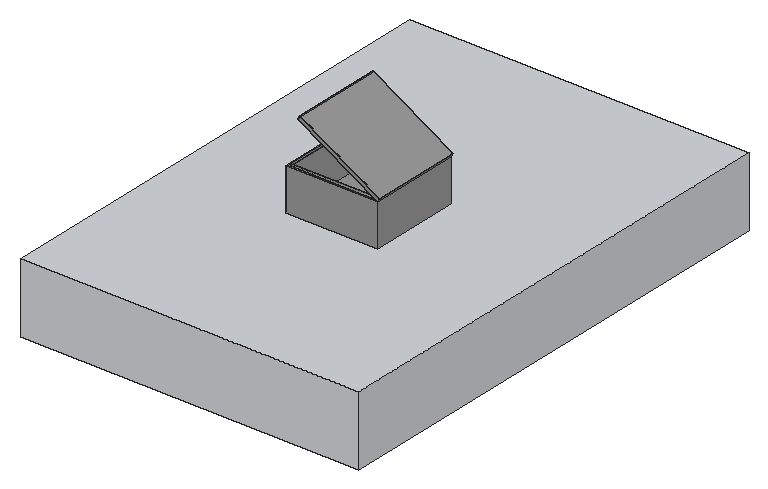
Revit family "Hager-Orion_Inox-IP65-D200-Cl.I-Inox_encl-630A-400mm-IT-it", category Equipement électrique, Revit 2020
Family settings
  Hôte = Face
  Configuration du panneau = Deux colonnes, circuits au sein
  Cote de connecteur circulaire = Utiliser le diamètre
  Type d'élément = Tableau de raccordement
  Couper avec des vides une fois chargée = Non
  Partagée = Non
  Point de calcul de pièce = Non
Parameters (values of type "incassato IP65 L400 A400 P200  - FL708BW")
  Width Control [instance] = if([EF000008 - Larghezza] > Min Width, [EF000008 - Larghezza], Min Width)  # 400 mm
  Commentaires du type = [HG000003 - Gamma]  # "Orion Inox"
  Thickness Door [instance] = if([EF009171 - spessore materiale porta/coperchio] > 3 mm, 3 mm, [EF009171 - spessore materiale porta/coperchio])  # 1.5 mm
  Seal Frame Offset [instance] = 17 mm  # constant formula
  Model = ""
  Min Width [instance] = 100 mm  # constant formula
  Min Height [instance] = 100 mm  # constant formula
  Min Depth [instance] = (2 * [EF009170 - spessore materiale scatola]) + 1 mm  # 3.4 mm
  Internal Frame Depth [instance] = (Door System Depth * 0.5)  # 9 mm
  Height Control [instance] = if([EF000040 - Altezza] > Min Height, [EF000040 - Altezza], Min Height)  # 400 mm
  HG000027 - Altezza dello zoccolo = 0 mm
  HG000026 - A pavimento = no
  HG000024 - Altezza della sezione inferiore = 800 mm
  HG000023 - Custodia a doppia sezione = no
  HG000016 - Visibilità delle porte nella vista 3D [instance] = yes
  HG000015 - Visibilità attraverso la porta [instance] = no
  HG000014 - Porta destra [instance] = yes
  HG000013 - Porta sinistra [instance] = not([HG000014 - Porta destra])  # no
  HG000012 - Angolo di apertura della porta [instance] = 30.00°
  HG000010 - Porte asimmetriche = no
  HG000009 - Porta doppia a battente = no
  HG000006 - Ad incasso = yes
  HG000004 - Codice produttore = "FL708BW"
  HG000003 - Gamma = "Orion Inox"
  HG000002 - Con porta = yes
  Frame Offset Bottom [instance] = 10 mm  # constant formula
  Frame Offset [instance] = 15 mm  # constant formula
  EF015940 - Coprire con rilascio di sovrapressione = no
  EF011959 - tipo di protezione (NEMA) = ""
  EF009554 - numero delle aperture per la piastra della flangia = 2
  Fabricant = "Hager"  # constant formula
  EF009212 - esecuzione coperchio = "EV009916 - con taglio"
  EF009171 - spessore materiale porta/coperchio = 1.5 mm
  EF009170 - spessore materiale scatola = 1.2 mm
  EF008873 - corrente nominale (In) = 630 A
  EF007800 - adatto per parafulmine = no
  EF006306 - con serratura = yes
  EF006244 - coperchio/porta trasparente = no
  EF005474 - grado di protezione (IP) = "EV006421 - IP65"
  EF004464 - tipo di porta = "EV002646 - singolo"
  EF004427 - numero di moduli = 0
  EF004293 - resistenza agli urti = "EV008784 - IK10"
  EF003532 - adatto per uso esterno = yes
  EF002950 - Numero moduli DIN = 0
  EF001613 - Integrità del circuito = ""
  EF001596 - Attacco Lampada = "EV000166 - acciaio inossidabile"
  EF001131 - profondità interna = 200 mm
  EF001088 - possibilità di applicazione = no
  EF000437 - numero di ingressi per conduttori = 2
  EF000339 - tipo di copertura = "EV004216 - porta"
  EF000266 - numero di file = 0
  EF000218 - profondità di incasso = 0 mm
  EF000118 - con piastra di montaggio = yes
  EF000116 - numero RAL = ""
  EF000049 - profondità = 200 mm
  EF000040 - Altezza = 400 mm
  EF000008 - Larghezza = 400 mm
  EF000007 - colore = "EV000154 - altri"
  EF000003 - Tipo di montaggio = "EV001247 - apparente/incassato"
  Door System Leaf Tolerance [instance] = 1.5 mm  # constant formula
  Door System Depth [instance] = 18 mm  # constant formula
  Depth Control [instance] = if([EF000049 - profondità] > Min Depth, [EF000049 - profondità], Min Depth)  # 200 mm
  Default Elevation = 0 mm
Types (4, lengths in mm): name | Width Control | HG000006 - Ad incasso | HG000004 - Codice produttore | EF000008 - Larghezza
  apparente IP65 L300 A400 P200  - FL707BW | 300 | no | "FL707BW" | 300
  apparente IP65 L400 A400 P200  - FL708BW | 400 | no | "FL708BW" | 400
  incassato IP65 L300 A400 P200  - FL707BW | 300 | yes | "FL707BW" | 300
  incassato IP65 L400 A400 P200  - FL708BW | 400 | yes | "FL708BW" | 400
Reference planes
  plane 1 "Center (Front/Back)": y = 0
  plane 2: z = 0
  plane 3 "Center (Left/Right)": x = 0
  plane 4: z = 200
  plane 5: y = 1.2
  plane 6: y = 200
  plane 7: y = 0
  plane 8: y = 400
  plane 9: z = 0
  plane 10: x = -185
  plane 11: x = 185
  plane 12: x = 183.8
  plane 13: x = -183.8
  plane 14: y = 398.8
  plane 15: x = -183
  plane 16: x = -200
  plane 17: x = 183
  plane 18: x = 200
  plane 19: x = 198.8
  plane 20: x = -198.8
  plane 21: y = 11.2
  plane 22: y = 400
  plane 23: y = 383.8
  plane 24: z = 182
  plane 25: z = 1.2
  plane 26: z = 180.8
  plane 27: z = 198.8
Forms (mm)
  Extrusion 1, solid
    sketch origin (0, 0, 0) x (1, 0, 0) y (0, 1, 0)
      loop
        line (-702.964, 1305) -> (-702.964, -811.445) -> (766.763, -811.445) -> (766.763, 1305) -> (-702.964, 1305)
    from 0 to -304.8
  Extrusion 2, solid, material "Hager_Stainless_Steel", detail levels medium+fine
    sketch origin (0, 0, 0) x (1, 0, 0) y (0, 1, 0)
      loop
        line (-200, 0) -> (200, 0) -> (200, 400) -> (-200, 400) -> (-200, 0)
    from 0 to 182
  Extrusion 3, solid, material "Hager_Steel_RAL 7035_Light_Grey", not visible, detail levels medium+fine
    sketch origin (0, 28.16, 50.802) x (0, 1, 0) y (0, 0, 1)
      loop
        line (223.34, -50.802) -> (223.34, 137.998)
        arc (223.34, 137.998) -> (220.411, 145.069) -> (213.34, 147.998) r 10
        line (213.34, 147.998) -> (183.34, 147.998) -> (183.34, -50.802) -> (223.34, -50.802)
    from -198.8 to 198.8
  Extrusion 4, void
    sketch origin (0, 0, 0) x (1, 0, 0) y (0, 1, 0)
      loop
        line (-198.8, 1.2) -> (198.8, 1.2) -> (198.8, 398.8) -> (-198.8, 398.8) -> (-198.8, 1.2)
    from 1.2 to 180.8
  Extrusion 5, void
    sketch origin (-381.607, -4572, 182) x (0, -1, 0) y (-1, 0, 0)
      loop
        line (-4583.2, -197.807) -> (-4955.8, -197.807) -> (-4955.8, -565.407) -> (-4583.2, -565.407) -> (-4583.2, -197.807)
    from 0 to 1.2 <- "EF009170 - spessore materiale scatola"
  Extrusion 6, solid, material "Hager_Stainless_Steel", detail levels fine
    sketch origin (-381.607, -4572, 182) x (-1, 0, 0) y (0, -1, 0)
      loop
        line (-197.807, -4583.2) -> (-565.407, -4583.2) -> (-565.407, -4955.8) -> (-197.807, -4955.8) -> (-197.807, -4583.2)
      loop
        line (-197.107, -4581.7) -> (-566.107, -4581.7) -> (-566.107, -4957.3) -> (-197.107, -4957.3) -> (-197.107, -4581.7)
    from 0 to 9 <- "Internal Frame Depth"
  Extrusion 7, solid, material "Hager_Stainless_Steel", detail levels coarse
    sketch origin (0, 0, 0) x (1, 0, 0) y (0, 1, 0)
      loop
        line (-200, 0) -> (200, 0) -> (200, 400) -> (-200, 400) -> (-200, 0)
    from 0 to 200
Cuts and joins
  Extrusion 4, Extrusion 5 cuts Extrusion 2
Lines and regions (mm)
  Masking region 1
    outline origin (0, 0, 0) x (1, 0, 0) y (0, 0, 1)
      loop
        line (-200, 200) -> (-200, 0) -> (200, 0) -> (200, 200) -> (-200, 200)
  Masking region 2, detail levels medium+fine
    outline origin (0, 140, 0) x (0, 1, 0) y (0, 0, 1)
      loop
        line (-140, 0) -> (260, 0) -> (260, 182) -> (-140, 182) -> (-140, 0)
  Masking region 3, not visible, detail levels medium+fine
    outline origin (0, 297.922, 0) x (0, 1, 0) y (0, 0, 1)
      loop
        line (-86.422, 0) -> (-46.422, 0) -> (-46.422, 188.8)
        arc (-46.422, 188.8) -> (-49.351, 195.871) -> (-56.422, 198.8) r 10
        line (-56.422, 198.8) -> (-86.422, 198.8) -> (-86.422, 0)
  Masking region 4, detail levels coarse
    outline origin (0, 0, 180) x (0, 1, 0) y (0, 0, 1)
      loop
        line (0, -180) -> (400, -180) -> (400, 20) -> (0, 20) -> (0, -180)
  Masking region 5
    outline origin (-381.607, -4572, 182) x (-1, 0, 0) y (0, -1, 0)
      loop
        line (-181.607, -4972) -> (-181.607, -4572) -> (-581.607, -4572) -> (-581.607, -4972) -> (-181.607, -4972)
Dimensions and locks
  "Depth Control": plane 4 to Extrusion 1
  "EF009170 - spessore materiale scatola": plane 5 to plane 7
  locked: connector elem to plane 3 "Center (Left/Right)"
  equal spacing: plane 8, plane 6, plane 7
  locked: connector elem to plane 6
  "EF009170 - spessore materiale scatola": plane 8 to plane 14
  "EF009170 - spessore materiale scatola": plane 10 to plane 13
  "EF009170 - spessore materiale scatola": plane 12 to plane 11
  "Frame Offset": plane 20 to plane 13
  "Frame Offset": plane 12 to plane 19
  "EF009170 - spessore materiale scatola": plane 16 to plane 20
  "EF009170 - spessore materiale scatola": plane 19 to plane 18
  "Seal Frame Offset": plane 16 to plane 15
  "Seal Frame Offset": plane 17 to plane 18
  "Frame Offset Bottom": plane 21 to plane 5
  "Frame Offset": plane 14 to plane 23
  equal spacing: plane 16, plane 3 "Center (Left/Right)", plane 18
  "Width Control": plane 16 to plane 18
  "EF009170 - spessore materiale scatola": plane 4 to plane 27
  "EF009170 - spessore materiale scatola": plane 24 to plane 26
  "EF009170 - spessore materiale scatola": plane 25 to level
  "Door System Depth": plane 4 to plane 24
  "Height Control": plane 1 "Center (Front/Back)" to Extrusion 7 sketch curve
  "Height Control": Masking region 4 sketch curve to plane 1 "Center (Front/Back)"
  "Thickness Door": Extrusion 6 sketch curve to plane 15
  "Thickness Door": plane 21 to Extrusion 6 sketch curve
  "Thickness Door": plane 17 to Extrusion 6 sketch curve
  "Thickness Door": Extrusion 6 sketch curve to plane 23
  "Height Control": plane 1 "Center (Front/Back)" to plane 22
  radius of Masking region 3 sketch curve = 10 mm
  radius of Extrusion 3 sketch curve = 10 mm
  aligned and locked: plane 2 to Extrusion 1
  aligned and locked: level to Extrusion 1
  aligned and locked: level to Masking region 1 sketch curve
  aligned and locked: Masking region 1 sketch curve to plane 18
  aligned and locked: Masking region 1 sketch curve to plane 16
  aligned and locked: plane 7 to Masking region 2 sketch curve
  aligned and locked: level to Masking region 3 sketch curve
  aligned and locked: Masking region 3 sketch curve to plane 27
  aligned and locked: level to Masking region 2 sketch curve
  aligned and locked: Extrusion 2 sketch curve to plane 7
  aligned and locked: plane 16 to Extrusion 2 sketch curve
  aligned and locked: plane 18 to Extrusion 2 sketch curve
  aligned and locked: Extrusion 3 sketch curve to level
  aligned and locked: plane 27 to Extrusion 3 sketch curve
  aligned and locked: plane 20 to Extrusion 3
  aligned and locked: plane 19 to Extrusion 3
  aligned and locked: plane 20 to Extrusion 4 sketch curve
  aligned and locked: plane 19 to Extrusion 4 sketch curve
  aligned and locked: Extrusion 4 sketch curve to plane 5
  aligned and locked: Extrusion 4 to plane 25
  aligned and locked: plane 26 to Extrusion 4
  aligned and locked: plane 24 to Extrusion 2
  aligned and locked: plane 21 to Extrusion 5 sketch curve
  aligned and locked: Extrusion 5 sketch curve to plane 13
  aligned and locked: Extrusion 5 sketch curve to plane 12
  aligned and locked: plane 18 to Extrusion 7 sketch curve
  aligned and locked: plane 1 "Center (Front/Back)" to Extrusion 7 sketch curve
  aligned and locked: plane 16 to Extrusion 7 sketch curve
  aligned and locked: plane 4 to Extrusion 7
  aligned and locked: Extrusion 7 to level
  aligned and locked: level to Masking region 4 sketch curve
  aligned and locked: Masking region 4 sketch curve to plane 1 "Center (Front/Back)"
  aligned and locked: Masking region 4 sketch curve to plane 4
  aligned and locked: nested 1 to level
  aligned and locked: nested 1 to plane 16
  aligned and locked: plane 8 to Extrusion 2 sketch curve
  aligned and locked: plane 23 to Extrusion 5 sketch curve
  aligned and locked: plane 14 to Extrusion 4 sketch curve
  aligned and locked: Extrusion 6 sketch curve to plane 21
  aligned and locked: plane 13 to Extrusion 6 sketch curve
  aligned and locked: plane 23 to Extrusion 6 sketch curve
  aligned and locked: plane 12 to Extrusion 6 sketch curve
  aligned and locked: Masking region 2 sketch curve to plane 8
  aligned and locked: Masking region 2 sketch curve to plane 24
  aligned and locked: nested 2 to plane 3 "Center (Left/Right)"
  aligned and locked: nested 2 to plane 24
  aligned and locked: Masking region 5 sketch curve to plane 1 "Center (Front/Back)"
  aligned and locked: Masking region 5 sketch curve to plane 18
  aligned and locked: Masking region 5 sketch curve to plane 22
  aligned and locked: Masking region 5 sketch curve to plane 16
  aligned and locked: plane 8 to plane 22
  aligned and locked: plane 7 to plane 1 "Center (Front/Back)"
  aligned and locked: nested 2 to plane 1 "Center (Front/Back)"
Automatic sketch dimensions
  Extrusion 1 sketch curve to Extrusion 1 sketch curve = 1469.727 mm
  Extrusion 1 sketch curve to Extrusion 1 sketch curve = 2116.445 mm
  plane 6 to Masking region 3 sketch curve = 11.5 mm
  Masking region 3 sketch curve to Masking region 3 sketch curve = 30 mm
  plane 6 to Extrusion 3 sketch curve = 11.5 mm
  Extrusion 3 sketch curve to Extrusion 3 sketch curve = 30 mm
  Masking region 1 sketch curve to plane 4 = 0 mm
Nested families
  nested 1: "Hager_Enclosure_Symbol" at (-200, 0, 0) x (1, 0, 0) z (0, -1, 0), Height <- "Depth Control", Width <- "Width Control", type "Hager_Enclosure_Symbol"
    with Width_Ctrl 400 mm, Width 400 mm, Height_Ctrl 200 mm, Height 200 mm, A_Width_Int 13.125 mm, A_Width 157.5 mm, A_Height_Ctrl 175 mm, A_Height 175 mm
  nested 2: "EC000058_OrionInox_Door" at (0, 400, 182) x (1, 0, 0) z (0, -1, 0), Leaf_Tolerance <- "Door System Leaf Tolerance", Angle <- "HG000012 - Angolo di apertura della porta", Door_Depth <- "Door System Depth", Door_Left <- "HG000013 - Porta sinistra", Transparent <- "EF006244 - coperchio/porta trasparente", Assymetrical <- "HG000010 - Porte asimmetriche", Width <- "Width Control", Clearance <- "HG000015 - Visibilità attraverso la porta", Double <- "HG000009 - Porta doppia a battente", 3d_Door <- "HG000016 - Visibilità delle porte nella vista 3D", Width_Ctrl <- "Width Control", Door_Right <- "HG000014 - Porta destra", Door <- "HG000002 - Con porta", Height <- "Height Control", Thickness <- "Thickness Door", type "EC000058_OrionInox_Door", detail levels medium+fine
    with min_wh 4 mm, Width_Ctrl 400 mm, Width 400 mm, Transparent no, Thickness 1.5 mm, Seal_Material Hager_Rubber, Leaf_Width 400 mm, Leaf_Tolerance_External_Sides 0 mm, Leaf_Tolerance 1.5 mm, Leaf_Offset 0 mm, Leaf_Height 397 mm, Leaf_2_Width 400 mm, Leaf_2_Offset 200 mm, Leaf_1_Width 400 mm, Leaf_1_Offset 200 mm, Height_Ctrl 400 mm, Height 400 mm, Glass_Material Hager_Glass, Double_Clearance_Ctrl no, Double no, Door_Right_Ctrl yes, Door_Right yes, Door_Material Hager_Stainless_Steel, Door_Left_Ctrl no, Door_Left no, Door_Depth 18 mm, Door yes, Clearance_Material Hager_Clearance, Clearance_Depth 400 mm, Clearance_Ctrl no, Clearance no, Assymetrical no, Angle 30.00°, 3d_Door yes
Connectors
  electrical at (0, 200, 0)
    settings: on plane 9, index 1, voltage 0 V, apparent load 0 VA, apparent load phase1 0 VA, apparent load phase2 0 VA, apparent load phase3 0 VA, power factor 1, load classification "Other", number of poles 1, system type 30, power factor state 1, is connector primary yes, connector utility no, sub classification motor no, connector description ""
Definition of nested family "EC000058_OrionInox_Door"
  Parameters (values of type "EC000058_OrionInox_Door")
    min_wh [instance] = (2 * Thickness) + 1 mm  # 11 mm
    Width_Ctrl [instance] = 400 mm
    Width [instance] = 500 mm
    Transparent [instance] = yes
    Thickness [instance] = 5 mm
    Seal_Material [instance] = none
    Leaf_Width [instance] = if((Width_Ctrl - 2 * Leaf_Tolerance_External_Sides) > 0 mm, (Width_Ctrl - 2 * Leaf_Tolerance_External_Sides), min_wh)  # 400 mm
    Leaf_Tolerance_External_Sides [instance] = 0 mm  # constant formula
    Leaf_Tolerance [instance] = 1.5 mm
    Leaf_Offset [instance] = 0 mm  # constant formula
    Leaf_Height [instance] = if((Height_Ctrl - 2 * Leaf_Tolerance) > 0 mm, (Height_Ctrl - 2 * Leaf_Tolerance), min_wh)  # 497 mm
    Leaf_2_Width [instance] = if(and(and(Double, Assymetrical), Door_Left), (Leaf_Width / 3) - (Leaf_Tolerance / 2), if(and(and(Double, Assymetrical), Door_Right), (Leaf_Width / 3) * 2 - (Leaf_Tolerance / 2), if(and(Double, not(Assymetrical)), (Leaf_Width / 2) - Leaf_Tolerance, Leaf_Width)))  # 400 mm
    Leaf_2_Offset [instance] = if(and(Double, Assymetrical), Leaf_2_Width / 2, if(and(Double, not(Assymetrical)), Leaf_Width / 4, Leaf_Width / 2))  # 200 mm
    Leaf_1_Width [instance] = if(and(and(Double, Assymetrical), Door_Right), (Leaf_Width / 3) - (Leaf_Tolerance / 2), if(and(and(Double, Assymetrical), Door_Left), (Width / 3) * 2 - (Leaf_Tolerance / 2), if(and(Double, not(Assymetrical)), (Leaf_Width / 2) - Leaf_Tolerance, Leaf_Width)))  # 400 mm
    Leaf_1_Offset [instance] = if(and(Double, Assymetrical), Leaf_1_Width / 2, if(and(Double, not(Assymetrical)), Leaf_Width / 4, Leaf_Width / 2))  # 200 mm
    Height_Ctrl [instance] = if(Height > min_wh, Height, min_wh)  # 500 mm
    Height [instance] = 500 mm
    Glass_Material [instance] = none
    Double_Clearance_Ctrl [instance] = and(Double, Clearance)  # no
    Double [instance] = no
    Door_Right_Ctrl [instance] = and(or(Door_Right, Double), Door)  # yes
    Door_Right [instance] = yes
    Door_Material [instance] = none
    Door_Left_Ctrl [instance] = and(or(Door_Left, Double), Door)  # no
    Door_Left [instance] = no
    Door_Depth [instance] = 30 mm
    Door [instance] = yes
    Default Elevation = 1219.2 mm
    Clearance_Material [instance] = none
    Clearance_Depth [instance] = if(Leaf_1_Width > Leaf_2_Width, Leaf_1_Width, Leaf_2_Width)  # 400 mm
    Clearance_Ctrl [instance] = and(not(Double), Clearance)  # yes
    Clearance [instance] = yes
    Assymetrical [instance] = yes
    Angle [instance] = 30.00°
    3d_Door [instance] = yes
  Reference planes
    plane 1 "Center (Front/Back)": y = 0
    plane 2 "Bottom": z = 0
    plane 3 "Center (Left/Right)": x = 0
    plane 4: z = 500
    plane 5: x = -200
    plane 6: x = 200
    plane 7: z = 500
    plane 8: x = -200
    plane 9: z = 0
    plane 10: x = 200
    plane 11: y = 0
    plane 12: z = 1.5
    plane 13: x = -600
    plane 14: y = -400
    plane 15: x = 600
    plane 16: x = 0
    plane 17: x = 0
    plane 18: x = -200
    plane 19: x = 200
    plane 20: z = 498.5
  Forms (mm)
    Extrusion 1, solid, material <- "Clearance_Material", visible <- "Double_Clearance_Ctrl"
      sketch origin (1200, 0, 0) x (1, 0, 0) y (0, 0, -1)
        loop
          line (-1800, -498.5) -> (-600, -498.5) -> (-600, 0) -> (-1800, 0) -> (-1800, -498.5)
      from 0 to -400
  Dimensions and locks
    equal spacing: plane 5, plane 3 "Center (Left/Right)", plane 6
    "Width_Ctrl": plane 5 to plane 6
    "Leaf_Offset": plane 5 to plane 8
    "Leaf_Offset": plane 6 to plane 10
    "Leaf_Offset": plane 9 to level
    "Leaf_Offset": plane 4 to plane 7
    "Height_Ctrl": plane 4 to level
    "Leaf_Tolerance": plane 12 to plane 9
    locked: plane 11 to plane 1 "Center (Front/Back)"
    "Leaf_1_Offset": plane 18 to plane 16
    "Leaf_2_Offset": plane 17 to plane 19
    "Leaf_1_Width": plane 13 to plane 8
    "Leaf_2_Width": plane 10 to plane 15
    "Clearance_Depth": plane 14 to plane 1 "Center (Front/Back)"
    "Leaf_Tolerance_External_Sides": plane 8 to plane 18
    "Leaf_Tolerance_External_Sides": plane 19 to plane 10
    "Leaf_Tolerance": plane 7 to plane 20
    aligned and locked: level to plane 2 "Bottom"
    aligned and locked: nested 1 to plane 16
    aligned and locked: nested 2 to plane 17
    aligned and locked: Extrusion 1 to plane 13
    aligned and locked: plane 15 to Extrusion 1
    aligned and locked: Extrusion 1 to plane 14
    aligned and locked: plane 12 to nested 1
    aligned and locked: nested 2 to plane 12
    aligned and locked: Extrusion 1 to plane 11
    aligned and locked: plane 20 to Extrusion 1
    aligned and locked: nested 2 to plane 11
    aligned and locked: nested 1 to plane 11
  Automatic sketch dimensions
    Extrusion 1 sketch curve to level = 0 mm
    plane 5 to Extrusion 1 sketch curve = 400 mm
    plane 6 to Extrusion 1 sketch curve = 400 mm
    Extrusion 1 sketch curve to plane 4 = 1.5 mm
  Nested families
    nested 1: "EC000058_OrionInox_Door_Leaf" at (0, 0, 1.5), Width <- "Leaf_1_Width", visible <- "Door_Left_Ctrl", Leaf_Height <- "Leaf_Height", Angle <- "Angle", 3d_Door <- "3d_Door", Transparent <- "Transparent", Clearance Material <- "Clearance_Material", Clearance <- "Clearance_Ctrl", Door_Material <- "Door_Material", Glass_Material <- "Glass_Material", Door_Depth <- "Door_Depth", Seal_Material <- "Seal_Material", Thickness <- "Thickness", type "EC000058_OrionInox_Door_Leaf"
      with Width 400 mm, Transparent_Ctrl yes, Transparent yes, Thickness 5 mm, Standard no, Seal_Material none, Seal_D2 8 mm, Seal_D1 1 mm, Offset_Internal_Frame 10 mm, Lock_Width 28 mm, Lock_Thickness 2 mm, Lock_Radius 6 mm, Leaf_Height 497 mm, Internal_Seal_Thickness 8 mm, Internal_Seal_Depth_2 4.5 mm, Internal_Frame_Depth 25 mm, Glass_Thickness -1 mm, Glass_Offset -2 mm, Glass_Material none, Door_Material none, Door_Depth 30 mm, Clearance Material none, Clearance yes, Angle_Ctrl 30.00°, Angle 30.00°, 3d_Door yes
    nested 2: "EC000058_OrionInox_Door_Leaf" at (0, 0, 1.5) x (-1, 0, 0) z (0, 0, 1), Width <- "Leaf_2_Width", visible <- "Door_Right_Ctrl", Leaf_Height <- "Leaf_Height", Angle <- "Angle", 3d_Door <- "3d_Door", Transparent <- "Transparent", Clearance Material <- "Clearance_Material", Clearance <- "Clearance_Ctrl", Door_Material <- "Door_Material", Glass_Material <- "Glass_Material", Door_Depth <- "Door_Depth", Seal_Material <- "Seal_Material", Thickness <- "Thickness", type "EC000058_OrionInox_Door_Leaf"
      with Width 400 mm, Transparent_Ctrl yes, Transparent yes, Thickness 5 mm, Standard no, Seal_Material none, Seal_D2 8 mm, Seal_D1 1 mm, Offset_Internal_Frame 10 mm, Lock_Width 28 mm, Lock_Thickness 2 mm, Lock_Radius 6 mm, Leaf_Height 497 mm, Internal_Seal_Thickness 8 mm, Internal_Seal_Depth_2 4.5 mm, Internal_Frame_Depth 25 mm, Glass_Thickness -1 mm, Glass_Offset -2 mm, Glass_Material none, Door_Material none, Door_Depth 30 mm, Clearance Material none, Clearance yes, Angle_Ctrl 30.00°, Angle 30.00°, 3d_Door yes
  Definition of nested family "EC000058_OrionInox_Door_Leaf"
    Parameters (values of type "EC000058_OrionInox_Door_Leaf")
      Width [instance] = 450 mm
      Transparent_Ctrl [instance] = and(Transparent, [3d_Door])  # yes
      Transparent [instance] = yes
      Thickness [instance] = 5 mm
      Standard [instance] = and(not(Transparent), [3d_Door])  # no
      Seal_Material [instance] = none
      Seal_D2 [instance] = 8 mm  # constant formula
      Seal_D1 [instance] = 1 mm  # constant formula
      Offset_Internal_Frame [instance] = 10 mm  # constant formula
      Lock_Width [instance] = Door_Depth - Lock_Thickness  # 28 mm
      Lock_Thickness [instance] = 2 mm  # constant formula
      Lock_Radius [instance] = 6 mm  # constant formula
      Leaf_Height [instance] = 450 mm
      Internal_Seal_Thickness [instance] = 8 mm  # constant formula
      Internal_Seal_Depth_2 [instance] = 4.5 mm  # constant formula
      Internal_Frame_Depth [instance] = if(Door_Depth - Thickness > 5 mm, Door_Depth - Thickness, 5 mm)  # 25 mm
      Glass_Thickness [instance] = if(Thickness > 15 mm, Glass_Offset + 10 mm, -1 mm)  # -1 mm
      Glass_Offset [instance] = if(Thickness > 15 mm, -(Thickness + 10 mm) / 2, -2 mm)  # -2 mm
      Glass_Material [instance] = none
      Door_Material [instance] = none
      Door_Depth [instance] = 30 mm
      Default Elevation = 0 mm
      Clearance Material [instance] = none
      Clearance [instance] = yes
      Angle_Ctrl [instance] = if(Angle > 180.00°, 180.00°, Angle)  # 90.00°
      Angle [instance] = 90.00°
      3d_Door [instance] = yes
    Reference planes
      plane 1 "Center (Front/Back)": y = 0
      plane 2: z = 0
      plane 3 "Center (Left/Right)": x = 0
      plane 4: y = 450
      plane 5: x = -225
      plane 6: x = 225
      plane 7: x = -675
      plane 8: z = 450
      plane 9: z = 30
      plane 10: z = 420
      plane 11: x = 195
      plane 12: x = -195
      plane 13: y = -3
      plane 14: z = 107.833
      plane 15: y = -5
      plane 16: y = -223.314
      plane 17: x = -225
      plane 18: y = 30
    Forms (mm)
      Extrusion 1, solid, material <- "Clearance Material", visible <- "Clearance"
        sketch origin (0, 0, 0) x (1, 0, 0) y (0, 0, 1)
          loop
            line (-675, 450) -> (-675, 0) -> (225, 0) -> (225, 450) -> (-675, 450)
        from 0 to -450
      Extrusion 2, solid, material <- "Door_Material", visible <- "Standard", detail levels medium+fine
        sketch origin (-225, 0, 0) x (0, 1, 0) y (-1, 0, 0)
          loop
            line (0, 30) -> (0, 25) -> (450, 25) -> (450, 30) -> (0, 30)
        from 0 to 450 <- "Leaf_Height"
      Extrusion 3, solid, material <- "Door_Material", visible <- "Transparent_Ctrl", detail levels medium+fine
        sketch origin (-225, 0, 0) x (0, 1, 0) y (-1, 0, 0)
          loop
            line (0, 25) -> (450, 25) -> (450, 30) -> (0, 30) -> (0, 25)
        from 0 to 450 <- "Leaf_Height"
      Extrusion 4, void
        sketch origin (-250, 450, 0) x (0, 1, 0) y (0, 0, -1)
          loop
            line (-30, -420) -> (-30, -30) -> (-420, -30) -> (-420, -420) -> (-30, -420)
        from 0 to 5 <- "Thickness"
      Sweep 5, solid, material <- "Seal_Material", visible <- "Transparent_Ctrl", detail levels fine
        path in 3D
          loop
            line (-250, 30, 30) -> (-250, 30, 420) -> (-250, 420, 420) -> (-250, 420, 30) -> (-250, 30, 30)
        profile origin (-250, 225, 30) x (1, 0, 0) y (0, 0, 1)
          loop
            line (0, 0) -> (0, -8) -> (1, -8) -> (1, 0) -> (0, 0)
      Extrusion 6, solid, material <- "Glass_Material", visible <- "Transparent_Ctrl", detail levels medium+fine
        sketch origin (-255, 0, 0) x (0, 1, 0) y (0, 0, -1)
          loop
            line (420, -420) -> (420, -30) -> (30, -30) -> (30, -420) -> (420, -420)
        from -2 <- "Glass_Offset" to -1 <- "Glass_Thickness"
      Extrusion 7, solid, material <- "Door_Material", visible <- "3d_Door", detail levels medium+fine
        sketch origin (-250, 450, 0) x (0, -1, 0) y (0, 0, -1)
          loop
            line (0, -450) -> (450, -450) -> (450, 0) -> (0, 0) -> (0, -450)
          loop
            line (445, -5) -> (5, -5) -> (5, -445) -> (445, -445) -> (445, -5)
        from 0 to 25 <- "Internal_Frame_Depth"
      Sweep 8, solid, material <- "Seal_Material", visible <- "Transparent_Ctrl", detail levels fine
        path in 3D
          loop
            line (-250, 0, 0) -> (-250, 450, 0) -> (-250, 450, 450) -> (-250, 0, 450) -> (-250, 0, 0)
        profile origin (-250, 0, 225) x (1, 0, 0) y (0, 1, 0)
          loop
            line (0, 10) -> (2.975, 10)
            arc (2.975, 10) -> (4.053, 10.447) -> (4.5, 11.525) r 1.525
            line (4.5, 11.525) -> (4.5, 16.527)
            arc (4.5, 16.527) -> (4.069, 17.569) -> (3.027, 18) r 1.473
            line (3.027, 18) -> (0, 18) -> (0, 10)
    Cuts and joins
      Extrusion 4 cuts Extrusion 3
    Lines and regions (mm)
      Masking region 1, detail levels medium+fine
        outline origin (0, 0, 0) x (0, 1, 0) y (0, 0, 1)
          loop
            line (0, 0) -> (30, 0) -> (30, 450) -> (0, 450) -> (0, 0)
      Masking region 2, detail levels medium+fine
        outline origin (0, 0, 0) x (1, 0, 0) y (0, 0, 1)
          loop
            line (-225, 450) -> (-225, 0) -> (225, 0) -> (225, 450) -> (-225, 450)
      symbolic lines
        curve 1: line (225, 0, 0) -> (-675, 0, 0)
        curve 2: arc (225, 0, 0) -> (-225, 450, 0) -> (-675, 0, 0) r 450
        curve 4: line (-255, 0, 0) -> (-255, 450, 0)
      reference lines
        curve 3: line (-225, 0, 0) -> (-225, 450, 0)
      symbolic lines, detail levels medium+fine
        curve 5: line (-255, 450, 0) -> (-250, 450, 0)
        curve 7: line (-250, 0, 0) -> (-255, 0, 0)
        curve 8: line (-250, 0, 0) -> (-225, 0, 0)
        curve 9: line (-225, 0, 0) -> (-225, 450, 0)
        curve 10: line (-225, 450, 0) -> (-250, 450, 0)
      symbolic lines, detail levels fine
        curve 6: line (-250, 450, 0) -> (-250, 0, 0)
      sketch lines
        curve 11: line (-250, 0, 450) -> (-250, 0, 0)
        curve 12: line (-250, 450, 0) -> (-250, 0, 0)
        curve 13: line (-250, 450, 450) -> (-250, 450, 0)
        curve 14: line (-250, 0, 450) -> (-250, 450, 450)
        curve 15: line (-250, 420, 30) -> (-250, 30, 30)
        curve 16: line (-250, 30, 30) -> (-250, 30, 420)
        curve 17: line (-250, 420, 420) -> (-250, 420, 30)
        curve 18: line (-250, 30, 420) -> (-250, 420, 420)
      symbolic lines, visible <- "Transparent", detail levels medium+fine
        curve 19: line (-195, 0, 420) -> (195, 0, 420)
        curve 20: line (-195, 0, 30) -> (-195, 0, 420)
        curve 21: line (195, 0, 30) -> (-195, 0, 30)
        curve 22: line (195, 0, 420) -> (195, 0, 30)
    Dimensions and locks
      "Width": plane 1 "Center (Front/Back)" to plane 4
      equal spacing: plane 5, plane 3 "Center (Left/Right)", plane 6
      "Width": plane 5 to plane 6
      "Width": plane 7 to plane 5
      "Leaf_Height": plane 8 to level
      "Width": curve 5 to curve 3
      "Width": curve 3 to curve 3
      plane 8 to plane 10 = 30 mm
      plane 9 to level = 30 mm
      plane 12 to plane 5 = 30 mm
      plane 6 to plane 11 = 30 mm
      Extrusion 4 sketch curve to Extrusion 3 = 30 mm
      Extrusion 3 to Extrusion 4 sketch curve = 30 mm
      Extrusion 1 to Extrusion 4 sketch curve = 30 mm
      curve 3 to Extrusion 4 sketch curve = 30 mm
      Extrusion 4 sketch curve to cut or joined group of Extrusion 3, Extrusion 4 = 30 mm
      cut or joined group of Extrusion 3, Extrusion 4 to Extrusion 6 sketch curve = 30 mm
      cut or joined group of Extrusion 3, Extrusion 4 to Extrusion 4 sketch curve = 30 mm
      "Thickness": curve 6 to curve 4
      "Thickness": Extrusion 7 sketch curve to Extrusion 7 sketch curve  (x4)
      "Door_Depth": curve 4 to curve 3
      "Offset_Internal_Frame": profile plane to Sweep 8 sketch curve
      "Internal_Seal_Thickness": Sweep 8 sketch curve to Sweep 8 sketch curve
      "Internal_Seal_Depth_2": profile plane to Sweep 8 sketch curve
      "Seal_D1": profile plane to Sweep 5 sketch curve
      "Seal_D2": profile plane to Sweep 5 sketch curve
      "Thickness": Extrusion 2 sketch curve to Extrusion 2 sketch curve
      "Door_Depth": plane 18 to plane 1 "Center (Front/Back)"
      radius of Sweep 8 sketch curve = 1.525 mm
      radius of Sweep 8 sketch curve = 1.473 mm
      "Angle_Ctrl": angle plane 1 "Center (Front/Back)" to curve 3
      aligned and locked: level to plane 2
      aligned and locked: Extrusion 1 to curve 1
      aligned and locked: plane 6 to Extrusion 1
      aligned and locked: plane 1 "Center (Front/Back)" to Extrusion 1
      aligned and locked: plane 4 to Extrusion 1
      aligned and locked: plane 8 to Extrusion 1
      aligned and locked: curve 7 to Extrusion 2 sketch curve
      aligned and locked: curve 5 to Extrusion 2 sketch curve
      aligned and locked: curve 7 to Extrusion 3 sketch curve
      aligned and locked: Extrusion 3 sketch curve to curve 4
      aligned and locked: Extrusion 3 sketch curve to curve 6
      aligned and locked: Extrusion 3 sketch curve to curve 5
      aligned and locked: curve 9 to curve 3
      aligned and locked: Extrusion 7 sketch curve to cut or joined group of Extrusion 3, Extrusion 4  (x4)
      aligned and locked: plane 17 to curve 3
      aligned and locked: plane 1 "Center (Front/Back)" to curve 3
      aligned and locked: plane 17 to plane 5
      aligned and locked: Sweep 8 sketch curve to profile plane
      aligned and locked: Sweep 5 sketch curve to profile plane  (x2)
      aligned and locked: plane 1 "Center (Front/Back)" to Masking region 1 sketch curve
      aligned and locked: plane 18 to Masking region 1 sketch curve
      aligned and locked: level to Masking region 1 sketch curve
      aligned and locked: Masking region 1 sketch curve to plane 8
      aligned and locked: plane 17 to Masking region 2 sketch curve
      aligned and locked: level to Masking region 2 sketch curve
      aligned and locked: Masking region 2 sketch curve to plane 8
      aligned and locked: plane 12 to curve 20
      aligned and locked: plane 10 to curve 19
      aligned and locked: plane 11 to curve 22
      aligned and locked: plane 9 to curve 21
      aligned and locked: Extrusion 2 sketch curve to cut or joined group of Extrusion 3, Extrusion 4
    Automatic sketch dimensions
      plane 1 "Center (Front/Back)" to curve 2 = 0 mm
      curve 2 to plane 5 = 0 mm
      Extrusion 1 sketch curve to level = 0 mm
      Extrusion 1 sketch curve to plane 7 = 0 mm
      Extrusion 1 sketch curve to plane 6 = 0 mm
      Extrusion 1 sketch curve to plane 8 = 0 mm
      Extrusion 3 to Extrusion 6 sketch curve = 30 mm  (x4)
      Masking region 2 sketch curve to plane 6 = 0 mm
      curve 4 to curve 3 = 0 mm
Definition of nested family "Hager_Enclosure_Symbol"
  Parameters (values of type "Hager_Enclosure_Symbol")
    Width_Ctrl [instance] = if(Width > 1 mm, Width, 1 mm)  # 102.27 mm
    Width [instance] = 102.27 mm
    Height_Ctrl [instance] = if(Height > 1 mm, Height, 1 mm)  # 66.5 mm
    A_Width_Int [instance] = if(A_Width / 12 > 2 mm, A_Width / 12, 2 mm)  # 4.364 mm
    A_Width [instance] = if(A_Height_Ctrl * 0.9 > 2 mm, A_Height_Ctrl * 0.9, 2 mm)  # 52.369 mm
    A_Height_Ctrl [instance] = if(A_Height > 2 mm, A_Height, 2 mm)  # 58.188 mm
    Height [instance] = 66.5 mm
    A_Height [instance] = Height - (Height / 8)  # 58.188 mm
  Reference planes
    plane 1 "Centre (avant/arrière)": y = 0
    plane 2: z = 0
    plane 3 "Centre (gauche/droite)": x = 0
    plane 4: x = 52.369
    plane 5: y = 33.042
    plane 6: y = 41.77
    plane 7: y = 66.5
    plane 8: x = 26.184
    plane 9: y = 37.406
    plane 10: x = 102.27
    plane 11: y = 66.5
    plane 12: y = 8.313
  Lines and regions (mm)
    Filled region 1, type "Solid_Black", in view "Niveau de réf."
      outline origin (0, 0, 0) x (1, 0, 0) y (0, 1, 0)
        loop
          line (52.369, 66.5) -> (33.188, 54.536) -> (45.365, 45.006) -> (52.369, 66.5)
    Filled region 2, type "Solid_Black", in view "Niveau de réf."
      outline origin (0, 0, 0) x (1, 0, 0) y (0, 1, 0)
        loop
          line (0, 0) -> (102.27, 0) -> (102.27, 66.5) -> (0, 0)
    detail lines, in view "Niveau de réf."
      curve 1: line (0, 8.313, 0) -> (26.184, 41.77, 0)
      curve 2: line (26.184, 41.77, 0) -> (26.184, 33.042, 0)
      curve 3: line (26.184, 33.042, 0) -> (52.369, 66.5, 0)
  Dimensions and locks
    "A_Width": plane 3 "Centre (gauche/droite)" to plane 4
    equal spacing: plane 3 "Centre (gauche/droite)", plane 8, plane 4
    equal spacing: plane 6, plane 9, plane 5
    equal spacing: curve 3, Filled region 1 sketch curve, Filled region 1 sketch curve
    "Height_Ctrl": plane 1 "Centre (avant/arrière)" to plane 11
    "A_Height_Ctrl": plane 11 to plane 12
    equal spacing: plane 11, plane 9, plane 12
    "A_Width_Int": plane 6 to plane 9
    "Width_Ctrl": plane 3 "Centre (gauche/droite)" to plane 10
    angle Filled region 1 sketch curve to curve 3 = 20.00°
    angle curve 3 to Filled region 1 sketch curve = 20.00°
    locked: curve 3 to Filled region 1 sketch curve (angle 90.00°)
    aligned and locked: plane 10 to Filled region 2
    aligned and locked: plane 11 to Filled region 2 sketch curve
    aligned and locked: plane 10 to Filled region 2 sketch curve
    aligned and locked: plane 3 "Centre (gauche/droite)" to curve 1
    aligned and locked: plane 12 to curve 1
    aligned and locked: plane 7 to plane 11
  Automatic sketch dimensions
    Filled region 1 sketch curve to plane 4 = 0 mm
    Filled region 1 sketch curve to plane 7 = 0 mm
    plane 1 "Centre (avant/arrière)" to Filled region 2 sketch curve = 0 mm
    Filled region 2 sketch curve to plane 3 "Centre (gauche/droite)" = 0 mm
    curve 2 to plane 6 = 0 mm
    curve 2 to plane 8 = 0 mm
    curve 3 to plane 4 = 0 mm
    curve 2 to plane 5 = 0 mm
    curve 3 to plane 7 = 0 mm
